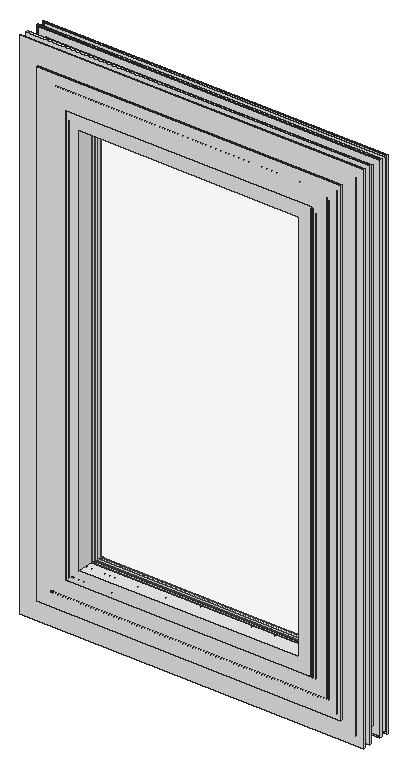
Revit family "Serene_T&T_Window_A_Standard", category Windows, host Wall, Revit 2014
Parameters (values of type "52TT-0609S-1000Pa")
  Windload Design = if(Custom Windload < 1001 mm, 1000 mm, if(Custom Windload < 1501 mm, 1500 mm, 2000 mm))  # 1000 mm
  Width Sash [instance] = 522 mm
  Width = if(Custom Window Width > Limit Window Width Max, Limit Window Width Max, if(Custom Window Width < Limit Window Width Min, Limit Window Width Min, Custom Window Width))  # 590 mm
  Wall Thickness [instance] = 200 mm
  URL = "http://www.crealco.co.za/crealco-products.php"
  Thermal Resistance (R) [instance] = if(IGDB or SAGDB Number = 1000015, 1.0000 (m²·K)/W / Clearvue U Value, if(IGDB or SAGDB Number = 9922, 1.0000 (m²·K)/W / Energy Advantage U Value, if(IGDB or SAGDB Number = 100100, 1.0000 (m²·K)/W / Intruderprufe U Value, if(IGDB or SAGDB Number = 103200, 1.0000 (m²·K)/W / Intruderprufe LowE U Value, if(IGDB or SAGDB Number = 105001, 1.0000 (m²·K)/W / Clearvue Insulated U Value, if(IGDB or SAGDB Number = 105002, 1.0000 (m²·K)/W / Clearvue Insulated LowE U Value, 1.0000 (m²·K)/W / 7.9)))))) * 1  # 0.126582 (m²·K)/W
  Solar Heat Gain Coefficient [instance] = if(IGDB or SAGDB Number = 1000015, Clearvue SHGC Value, if(IGDB or SAGDB Number = 9922, Energy Advantage SHGC Value, if(IGDB or SAGDB Number = 100100, Intruderprufe SHGC Value, if(IGDB or SAGDB Number = 103200, Intruderprufe LowE SHGC Value, if(IGDB or SAGDB Number = 105001, Clearvue Insulated SHGC Value, if(IGDB or SAGDB Number = 105002, Clearvue Insulated LowE SHGC Value, 0))))))  # 0
  Sash Frame Gasket = 3.4 mm  # constant formula
  Sash Edge Gap = 34 mm  # constant formula
  Overall Width [instance] = 590 mm
  Overall Height [instance] = 890 mm
  Max System DG Unit Thickness = 20 mm  # constant formula
  Max System DG One Piece Thickness = rounddown((Max System DG Unit Thickness - 12 mm) / 2 mm) * 1 mm  # 4 mm
  Max Pane Area = (Sash Width - (2 mm * 50.2)) * (Sash Height - (2 mm * 50.2))  # 0.304227 m²
  Intruderprufe U Value = 6.5
  Intruderprufe SHGC Value = 0.432
  Intruderprufe LowE U Value = 4.83
  Intruderprufe LowE SHGC Value = 0.383
  IGDB or SAGDB Number [instance] = 0
  Height Sash [instance] = 822 mm
  Height = if(Custom Window Height > Limit Window Height Max, Limit Window Height Max, if(Custom Window Height < Limit Window Height Min, Limit Window Height Min, Custom Window Height))  # 890 mm
  Heat Transfer Coefficient (U) [instance] = if(IGDB or SAGDB Number = 1000015, Clearvue U Value, if(IGDB or SAGDB Number = 9922, Energy Advantage U Value, if(IGDB or SAGDB Number = 100100, Intruderprufe U Value, if(IGDB or SAGDB Number = 103200, Intruderprufe LowE U Value, if(IGDB or SAGDB Number = 105001, Clearvue Insulated U Value, if(IGDB or SAGDB Number = 105002, Clearvue Insulated LowE U Value, 7.9)))))) * 1.0000 W/(m²·K)  # 7.9000 W/(m²·K)
  Glazing Material [instance] = if(IGDB or SAGDB Number = 1000015, "PFG CLEARVUE 4mm", if(IGDB or SAGDB Number = 9922, "PFG ENERGY ADVANTAGE 4mm LOW-E", if(IGDB or SAGDB Number = 100100, "PFG INTRUDERPRUFE 6.38mm", if(IGDB or SAGDB Number = 103200, "PFG INTRUDERPRUFE LOW-E 7.38mm", if(IGDB or SAGDB Number = 105001, "PFG 20mm CLEARVUE INSULATED GLASS", if(IGDB or SAGDB Number = 105002, "PFG 20mm CLEARVUE INSULATED GLASS LOW-E", "Unknown"))))))  # "Unknown"
  Glazing Code [instance] = if(IGDB or SAGDB Number = 1000015, "CF4", if(IGDB or SAGDB Number = 9922, "CF4E", if(IGDB or SAGDB Number = 100100, "LAM01", if(IGDB or SAGDB Number = 103200, "LAM01E", if(IGDB or SAGDB Number = 105001, "IGU20", if(IGDB or SAGDB Number = 105002, "IGU20E", "Unknown"))))))  # "Unknown"
  Frame Thickness = 52 mm  # constant formula
  Frame Offset From Exterior [instance] = if(Centered In Wall, (Wall Thickness - Frame Thickness) / 2, Custom Window Exterior Offset)  # 74 mm
  Energy Advantage U Value = 5.7
  Energy Advantage SHGC Value = 0.419
  DG Thickness Calc = if(not(Max Pane Area > 1.125 m²), 4 mm, if(not(Max Pane Area > 2.25 m²), 4 mm, if(not(Max Pane Area > 3.15 m²), 5 mm, if(not(Max Pane Area > 4.35 m²), 6 mm, if(not(Max Pane Area > 6.45 m²), 8 mm, 10 mm)))))  # 4 mm
  DG Thickness [instance] = if(IGDB or SAGDB Number = 105001, 4 mm, if(IGDB or SAGDB Number = 105002, 4 mm, if(DG Thickness Calc > Max System DG One Piece Thickness, Max System DG One Piece Thickness, DG Thickness Calc)))  # 4 mm
  DG Gasket Thickness = 12 mm  # constant formula
  Custom Window Width = 590 mm
  Custom Window Height = 890 mm
  Custom Window Exterior Offset = 0 mm
  Custom Windload = 1000 mm
  Sash Width = Width - (2 * Sash Edge Gap)  # 522 mm
  Sash Height = Height - (2 * Sash Edge Gap)  # 822 mm
  Single Glazing [instance] = not(Double Glazing)  # yes
  SG Thickness [instance] = if(IGDB or SAGDB Number = 1000015, 4 mm, if(IGDB or SAGDB Number = 9922, 4 mm, if(IGDB or SAGDB Number = 100100, 6 mm, if(IGDB or SAGDB Number = 103200, 7 mm, if(not(Max Pane Area > 0.75 m²), 4 mm, if(not(Max Pane Area > 1.50 m²), 4 mm, if(not(Max Pane Area > 2.10 m²), 5 mm, if(not(Max Pane Area > 2.90 m²), 6.4 mm, if(not(Max Pane Area > 4.30 m²), 8 mm, 10 mm)))))))))  # 4 mm
  Model = "Serene"  # constant formula
  Manufacturer = "Crealco"  # constant formula
  Limit Window Width Min = Limit Sash Width Min + (2 * Sash Edge Gap)  # 368 mm
  Limit Window Width Max = Limit Sash Width Max + (2 * Sash Edge Gap)  # 768 mm
  Limit Window Height Min = Limit Sash Height Min + (2 * Sash Edge Gap)  # 368 mm
  Limit Window Height Max = Limit Sash Height Max + (2 * Sash Edge Gap)  # 1568 mm
  Limit Sash Width Min = 300 mm  # constant formula
  Limit Sash Width Max = 700 mm  # constant formula
  Limit Sash Height Min = 300 mm  # constant formula
  Limit Sash Height Max = 1500 mm  # constant formula
  Glazing Finish [instance] = Glass
  Double Glazing [instance] = no
  Description = "Tilt and turn window, Type A"  # constant formula
  Default Sill Height = 800 mm
  Wall Closure = By host
  DG Gasket Finish = Double Glazing Gasket Material
  Clearvue U Value = 6.62
  Clearvue SHGC Value = 0.465
  Clearvue Insulated U Value = 4.85
  Clearvue Insulated SHGC Value = 0.418
  Clearvue Insulated LowE U Value = 4.47
  Clearvue Insulated LowE SHGC Value = 0.382
  Centered In Wall [instance] = yes
  Aluminium Finish [instance] = White Powder Coated Aluminium
  All Available Glazing Numbers [instance] = "The rows below list the available glazing materials for this window:"  # constant formula
  9922 [instance] = "CF4E"  # constant formula
  105002 [instance] = "IGU20E"  # constant formula
  105001 [instance] = "IGU20"  # constant formula
  103200 [instance] = "LAM01E"  # constant formula
  100100 [instance] = "LAM01"  # constant formula
  1000015 [instance] = "CF4"  # constant formula
Types (6, lengths in mm): name | Windload Design | Overall Height | Max Pane Area | Intruderprufe U Value | Intruderprufe SHGC Value | Intruderprufe LowE U Value | Intruderprufe LowE SHGC Value | Height Sash | Height | Energy Advantage U Value | Energy Advantage SHGC Value | Custom Window Height | Custom Windload | Sash Height | Clearvue U Value | Clearvue SHGC Value | Clearvue Insulated U Value | Clearvue Insulated SHGC Value | Clearvue Insulated LowE U Value | Clearvue Insulated LowE SHGC Value
  52TT-0609S-1000Pa | 1000 | 890 | 0.304227 m² | 6.5 | 0.432 | 4.83 | 0.383 | 822 | 890 | 5.7 | 0.419 | 890 | 1000 | 822 | 6.62 | 0.465 | 4.85 | 0.418 | 4.47 | 0.382
  52TT-0609S-1500Pa | 1500 | 890 | 0.304227 m² | 6.5 | 0.432 | 4.83 | 0.383 | 822 | 890 | 5.7 | 0.419 | 890 | 1500 | 822 | 6.62 | 0.465 | 4.85 | 0.418 | 4.47 | 0.382
  52TT-0609S-2000Pa | 2000 | 890 | 0.304227 m² | 6.5 | 0.432 | 4.83 | 0.383 | 822 | 890 | 5.7 | 0.419 | 890 | 2000 | 822 | 6.62 | 0.465 | 4.85 | 0.418 | 4.47 | 0.382
  52TT-0612S-1000Pa | 1000 | 890 | 0.430707 m² | 6.42 | 0.459 | 4.77 | 0.407 | 822 | 1190 | 5.54 | 0.445 | 1190 | 1000 | 1122 | 6.55 | 0.494 | 4.69 | 0.444 | 4.28 | 0.405
  52TT-0612S-1500Pa | 1500 | 890 | 0.430707 m² | 6.42 | 0.459 | 4.77 | 0.407 | 822 | 1190 | 5.54 | 0.445 | 1190 | 1500 | 1122 | 6.55 | 0.494 | 4.69 | 0.444 | 4.28 | 0.405
  52TT-0612S-2000Pa | 2000 | 1190 | 0.430707 m² | 6.42 | 0.459 | 4.77 | 0.407 | 1122 | 1190 | 5.54 | 0.445 | 1190 | 2000 | 1122 | 6.55 | 0.494 | 4.69 | 0.444 | 4.28 | 0.405
Reference planes
  plane 1 "Center (Front/Back)": y = 0
  plane 2 "Center (Left/Right)": x = 0
  plane 3 "Left": x = -295
  plane 4 "Right": x = 295
  plane 5 "Sill": z = 800
  plane 6 "Head": z = 1690
  plane 7 "Exterior": y = 100
  plane 8 "Interior": y = -100
  plane 9: y = 0
Lines and regions (mm)
  Opening 1
    outline origin (3500, -100, 0) x (1, 0, 0) y (0, 0, 1)
      loop
        line (-3205, 800) -> (-3205, 1690) -> (-3795, 1690) -> (-3795, 800) -> (-3205, 800)
Text (mm)
  text "EXTERIOR" at (-1963.203, 1332.353, 0), in view "Ref. Level"
  text "INTERIOR" at (-1981.466, -818.386, 0), in view "Ref. Level"
  text "Exterior" at (0, 923.751, 2943.296), in view "Right"
  text "Exterior" at (0, 1040.484, 2685.409), in view "Left"
Dimensions and locks
  equal spacing: plane 3 "Left", plane 2 "Center (Left/Right)", plane 4 "Right"
  "Width": plane 3 "Left" to plane 4 "Right"
  "Height": plane 5 "Sill" to plane 6 "Head"
  "Default Sill Height": plane 5 "Sill" to level
  locked: plane 7 "Exterior" to host wall at 0
  locked: plane 8 "Interior" to host wall
  "Overall Width": plane 3 "Left" to plane 4 "Right"
  "Overall Height": plane 5 "Sill" to plane 6 "Head"
  "Wall Thickness": host wall to host wall
  "Frame Offset From Exterior": host wall to nested 1
  "Sash Edge Gap": plane 3 "Left" to nested 2
  "Sash Edge Gap": plane 6 "Head" to nested 2
  "Sash Frame Gasket": nested 2 to nested 1
  "Width Sash": nested 2 to nested 2
  "Height Sash": nested 2 to nested 2
  aligned and locked: plane 9 to host wall
  aligned and locked: nested 1 to plane 6 "Head"
  aligned and locked: nested 1 to plane 4 "Right"
Automatic sketch dimensions
  Opening 1 sketch curve to plane 3 "Left" = 0 mm
  Opening 1 sketch curve to plane 4 "Right" = 0 mm
  Opening 1 sketch curve to plane 5 "Sill" = 0 mm
  Opening 1 sketch curve to plane 6 "Head" = 0 mm
Nested families
  nested 1: "Serene_Frame_Rounded_Ext_52mm_A_Std" at (-295, -26, 800), Profile Material <- "Aluminium Finish", Frame Width <- "Width", Frame Height <- "Height", type "Serene_Frame_Rounded_Ext_52mm_A_Std"
    with Profile Material White Powder Coated Aluminium, Frame Width 590 mm, Frame Height 890 mm
  nested 2: "Serene_Sash_Open_In_72mm_A_Std" at (261, -32.8, 834) x (-1, 0, 0) z (0, 0, 1), Profile Material <- "Aluminium Finish", Glazing Material <- "Glazing Finish", Double Glazing Gasket Material <- "DG Gasket Finish", Height Sash <- "Sash Height", Width Sash <- "Sash Width", Double Glazing <- "Double Glazing", Single Glazing <- "Single Glazing", SG Glazing Thickness <- "SG Thickness", DG Glazing Thickness <- "DG Thickness", DG Gasket Thickness <- "DG Gasket Thickness", type "Serene_Sash_Open_In_72mm_A_Std"
    with Width Sash 522 mm, Width Bead 422 mm, Tilt yes, Single Glazing yes, SG Offset 32.25 mm, SG Glazing Thickness 4 mm, Right Hinged yes, Profile Material White Powder Coated Aluminium, Left Hinged no, Height Sash 822 mm, Height Bead 722 mm, Glazing Width 421.6 mm, Glazing Material Glass, Glazing Height 721.6 mm, Double Glazing Gasket Material Double Glazing Gasket Material, Double Glazing no, DG Offset 18.75 mm, DG Glazing Thickness 4 mm, DG Gasket Thickness 12 mm
  nested 3: "Serene_Single_Glazing_Tilt_&_Turn_A_Std" at (210.8, 3.45, 884.2), type "Serene_Single_Glazing_Tilt_&_Turn_A_Std"
    with Tilt yes, Right Hinged yes, Left Hinged no, Half Width 210.8 mm, Half Height 360.8 mm, Glazing Width 421.6 mm, Glazing Thickness SG 4 mm, Glazing Material Glass, Glazing Height 721.6 mm
Definition of nested family "Serene_Frame_Rounded_Ext_52mm_A_Std"
  Parameters (values of type "Serene_Frame_Rounded_Ext_52mm")
    Profile Material [instance] = none
    Frame Width [instance] = 600 mm
    Frame Height [instance] = 900 mm
  Reference planes
    plane 1 "Center (Front/Back)": y = 0
    plane 2: z = 0
    plane 3 "Center (Left/Right)": x = 0
  Forms (mm)
    Sweep 1, solid, material <- "Profile Material"
      path origin (0, 0, 0) x (1, 0, 0) y (0, 0, 1)
        loop
          line (0, 0) -> (600, 0) -> (600, 900) -> (0, 900) -> (0, 0)
      profile origin (300, 0, 0) x (0, 0, 1) y (0, -1, 0)
        loop
          line (32.05, -9) -> (32.05, -8) -> (33.7, -8) -> (33.7, -1.3) -> (15.1, -1.3) -> (15.1, -8) -> (16.75, -8) -> (16.75, -9) -> (15.1, -9) -> (15.1, -42.5) -> (16.75, -42.5) -> (16.75, -43.5) -> (15.1, -43.5) -> (15.1, -50.7) -> (33.7, -50.7) -> (33.7, -43.5) -> (32.05, -43.5) -> (32.05, -42.5) -> (33.7, -42.5) -> (33.7, -9) -> (32.05, -9)
        loop
          arc (52.4, -49.7) -> (52.107, -48.993) -> (51.4, -48.7) r 1
          line (51.4, -48.7) -> (50.4, -48.7)
          arc (50.4, -48.7) -> (49.9, -49.2) -> (50.4, -49.7) r 0.5
          line (50.4, -49.7) -> (51.2, -49.7) -> (51.2, -50.7) -> (35, -50.7) -> (35, -49.7) -> (36, -49.7)
          arc (36, -49.7) -> (36.5, -49.2) -> (36, -48.7) r 0.5
          line (36, -48.7) -> (35, -48.7) -> (35, -35.9) -> (40, -35.9) -> (40, -32.956) -> (38.5, -31.79) -> (38.5, -34.6) -> (35, -34.6) -> (35, -21.1) -> (38.5, -21.1) -> (38.5, -26.41) -> (40, -25.244) -> (40, -18.807) -> (38, -17.818) -> (38, -19.5) -> (35, -19.5) -> (35, -1.5) -> (38, -1.5) -> (38, -4.182) -> (40, -3.193) -> (40, 0) -> (0, 0) -> (0, -2.7) -> (1.3, -2.7) -> (1.3, -1.5) -> (13.8, -1.5) -> (13.8, -13.05) -> (0, -13.05) -> (0, -16.05) -> (1.3, -16.05) -> (1.3, -14.35) -> (13.8, -14.35) -> (13.8, -37.65) -> (1.3, -37.65) -> (1.3, -35.95) -> (0, -35.95) -> (0, -38.95) -> (13.8, -38.95) -> (13.8, -50.5) -> (1.3, -50.5) -> (1.3, -49.3) -> (0, -49.3) -> (0, -52) -> (58, -52)
          arc (58, -52) -> (60.828, -50.828) -> (62, -48) r 4
          line (62, -48) -> (62, -40.5) -> (59.5, -40.5) -> (59.5, -41.7) -> (60.7, -41.7) -> (60.7, -43.7) -> (55.5, -43.7) -> (55.5, -41.7) -> (56.7, -41.7) -> (56.7, -40.5) -> (54.2, -40.5) -> (54.2, -44)
          arc (54.2, -44) -> (54.493, -44.707) -> (55.2, -45) r 1
          line (55.2, -45) -> (60.7, -45) -> (60.7, -48)
          arc (60.7, -48) -> (59.909, -49.909) -> (58, -50.7) r 2.7
          line (58, -50.7) -> (52.4, -50.7) -> (52.4, -49.7)
  Lines and regions (mm)
    model lines, style "GenericModel"
      curve 1: line (600, 52, 900) -> (541.992, 52, 841.992)
      curve 2: line (0, 52, 900) -> (58.006, 52, 841.994)
      curve 3: line (0, 52, 0) -> (58.008, 52, 58.008)
      curve 4: line (600, 52, 0) -> (541.992, 52, 58.008)
      curve 5: line (0, 0, 900) -> (40, 0, 860)
      curve 6: line (600, 0, 900) -> (560, 0, 860)
      curve 7: line (600, 0, 0) -> (560, 0, 40)
      curve 8: line (0, 0, 0) -> (40, 0, 40)
  Dimensions and locks
    "Frame Width": Sweep 1 sketch curve to Sweep 1 sketch curve
    "Frame Height": Sweep 1 sketch curve to Sweep 1 sketch curve
    aligned and locked: level to plane 2
  Automatic sketch dimensions
    Sweep 1 sketch curve to Sweep 1 sketch curve = 0 mm  (x9)
    Sweep 1 sketch curve to profile plane = 0 mm  (x4)
    Sweep 1 sketch curve to Sweep 1 sketch curve = 1.3 mm  (x13)
    Sweep 1 sketch curve to Sweep 1 sketch curve = 12.5 mm  (x2)
    Sweep 1 sketch curve to Sweep 1 sketch curve = 1.65 mm  (x4)
    Sweep 1 sketch curve to Sweep 1 sketch curve = 15.3 mm  (x2)
    Sweep 1 sketch curve to Sweep 1 sketch curve = 1 mm  (x10)
    Sweep 1 sketch curve to Sweep 1 sketch curve = 3 mm  (x3)
    Sweep 1 sketch curve to Sweep 1 sketch curve = 0.5 mm  (x2)
    Sweep 1 sketch curve to Sweep 1 sketch curve = 3.5 mm
    Sweep 1 sketch curve to Sweep 1 sketch curve = 2 mm  (x3)
    Sweep 1 sketch curve to Sweep 1 sketch curve = 1.5 mm  (x3)
    Sweep 1 sketch curve to Sweep 1 sketch curve = 14.4 mm
    Sweep 1 sketch curve to Sweep 1 sketch curve = 0.8 mm
    Sweep 1 sketch curve to Sweep 1 sketch curve = 0.2 mm  (x3)
    Sweep 1 sketch curve to Sweep 1 sketch curve = 2.8 mm  (x3)
    Sweep 1 sketch curve to Sweep 1 sketch curve = 0.3 mm
    Sweep 1 sketch curve to Sweep 1 sketch curve = 1.2 mm  (x6)
    Sweep 1 sketch curve to plane 1 "Center (Front/Back)" = 52 mm
    Sweep 1 sketch curve to Sweep 1 sketch curve = 5.2 mm
    Sweep 1 sketch curve to Sweep 1 sketch curve = 7 mm
    Sweep 1 sketch curve to Sweep 1 sketch curve = 10.35 mm  (x2)
    Sweep 1 sketch curve to Sweep 1 sketch curve = 1.7 mm  (x2)
    Sweep 1 sketch curve to Sweep 1 sketch curve = 6.6 mm
    Sweep 1 sketch curve to Sweep 1 sketch curve = 1.644 mm
    Sweep 1 sketch curve to Sweep 1 sketch curve = 1.167 mm  (x2)
    Sweep 1 sketch curve to Sweep 1 sketch curve = 5.379 mm
    Sweep 1 sketch curve to Sweep 1 sketch curve = 4.144 mm
    Sweep 1 sketch curve to Sweep 1 sketch curve = 1.6 mm
    Sweep 1 sketch curve to Sweep 1 sketch curve = 0.693 mm
    Sweep 1 sketch curve to Sweep 1 sketch curve = 1.682 mm
    Sweep 1 sketch curve to Sweep 1 sketch curve = 19.9 mm
    Sweep 1 sketch curve to Sweep 1 sketch curve = 8.818 mm
    Sweep 1 sketch curve to Sweep 1 sketch curve = 4.05 mm
    Sweep 1 sketch curve to Sweep 1 sketch curve = 3.818 mm
    Sweep 1 sketch curve to Sweep 1 sketch curve = 0.99 mm
    Sweep 1 sketch curve to Sweep 1 sketch curve = 6.5 mm
    Sweep 1 sketch curve to Sweep 1 sketch curve = 1.693 mm
    curve 1 to Sweep 1 = 0 mm
    Sweep 1 to curve 1 = 0 mm
    curve 2 to Sweep 1 = 0 mm  (x2)
    curve 3 to Sweep 1 = 0 mm  (x2)
    curve 4 to Sweep 1 = 0 mm  (x2)
    curve 2 to Sweep 1 = 0.006 mm  (x2)
    curve 3 to Sweep 1 = 0.008 mm  (x2)
    curve 1 to Sweep 1 = 0.008 mm  (x2)
    curve 4 to Sweep 1 = 0.008 mm  (x2)
    curve 5 to Sweep 1 = 0 mm  (x4)
    curve 6 to Sweep 1 = 0 mm  (x4)
    curve 7 to Sweep 1 = 0 mm  (x3)
    Sweep 1 to curve 7 = 0 mm
    curve 8 to Sweep 1 = 0 mm  (x3)
    Sweep 1 to curve 8 = 0 mm
    Sweep 1 sketch curve to plane 3 "Center (Left/Right)" = 0 mm
    Sweep 1 sketch curve to level = 0 mm
Definition of nested family "Serene_Sash_Open_In_72mm_A_Std"
  Parameters (values of type "Serene_Sash_Open_In_72mm")
    Width Sash [instance] = 600 mm
    Width Bead [instance] = Width Sash - (Bead Edge Offset * 2)  # 500 mm
    Tilt [instance] = yes
    Single Glazing [instance] = yes
    SG Offset [instance] = Rear Glazing Channel Offset - SG Available Space + ((SG Available Space - SG Glazing Thickness) / 2)  # 32.25 mm
    SG Glazing Thickness [instance] = 4 mm
    SG Available Space = 13.5 mm  # constant formula
    Right Hinged [instance] = yes
    Rear Glazing Channel Offset = 41 mm  # constant formula
    Profile Material [instance] = none
    Left Hinged [instance] = yes
    Height Sash [instance] = 900 mm
    Height Bead [instance] = Height Sash - (Bead Edge Offset * 2)  # 800 mm
    Glazing Width [instance] = Width Sash - (Glazing Edge Offset * 2)  # 499.6 mm
    Glazing Material [instance] = Glass
    Glazing Height [instance] = Height Sash - (Glazing Edge Offset * 2)  # 799.6 mm
    Glazing Edge Offset = 50.2 mm  # constant formula
    Double Glazing Gasket Material [instance] = none
    Double Glazing [instance] = yes
    DG Offset [instance] = Rear Glazing Channel Offset - DG Available Space + ((DG Available Space - DG Gasket Thickness - (2 * DG Glazing Thickness)) / 2)  # 18.75 mm
    DG Glazing Thickness [instance] = 4 mm
    DG Gasket Thickness [instance] = 12 mm
    DG Available Space = 24.5 mm  # constant formula
    Bead Edge Offset = 50 mm  # constant formula
  Reference planes
    plane 1 "Center (Front/Back)": y = 0
    plane 2: z = 0
    plane 3 "Center (Left/Right)": x = 0
  Forms (mm)
    Sweep 1, solid, material <- "Profile Material"
      path origin (0, 0, 0) x (1, 0, 0) y (0, 0, 1)
        loop
          line (0, 0) -> (600, 0) -> (600, 900) -> (0, 900) -> (0, 0)
      profile origin (300, 0, 0) x (0, 0, 1) y (0, -1, 0)
        loop
          line (21.76, 25.1) -> (23.96, 25.1) -> (23.96, 10.1) -> (21.76, 10.1) -> (21.76, 7.4) -> (18.76, 7.4) -> (18.76, 10.524) -> (17.46, 9.224) -> (17.46, 7.1)
          arc (17.46, 7.1) -> (17.753, 6.393) -> (18.46, 6.1) r 1
          line (18.46, 6.1) -> (23.96, 6.1) -> (23.96, 3.4) -> (22.8, 3.4)
          arc (22.8, 3.4) -> (22.3, 2.9) -> (22.8, 2.4) r 0.5
          line (22.8, 2.4) -> (23.96, 2.4) -> (23.96, 1.3) -> (7.7, 1.3) -> (7.7, 2.4) -> (8.5, 2.4) -> (8.5, 3.4) -> (5.3, 3.4) -> (5.3, 2.4) -> (6.6, 2.4) -> (6.6, 1.1) -> (1.2, 1.1) -> (1.2, 2.4) -> (2.5, 2.4) -> (2.5, 3.4) -> (0, 3.4) -> (0, 0) -> (49.96, 0) -> (49.96, 3.18) -> (48.16, 4.22) -> (48.16, 1.5) -> (45.16, 1.5) -> (45.16, 20.1) -> (48.16, 20.1) -> (48.16, 17.88) -> (49.96, 18.92) -> (49.96, 21.6) -> (45.16, 21.6) -> (45.16, 40) -> (37.96, 47) -> (37.96, 50.7) -> (43.96, 50.7) -> (43.96, 49.3)
          arc (43.96, 49.3) -> (44.253, 48.593) -> (44.96, 48.3) r 1
          line (44.96, 48.3) -> (46.21, 48.3)
          arc (46.21, 48.3) -> (46.71, 48.8) -> (46.21, 49.3) r 0.5
          line (46.21, 49.3) -> (44.96, 49.3) -> (44.96, 50.7) -> (61.46, 50.7) -> (61.46, 49.3) -> (60.21, 49.3)
          arc (60.21, 49.3) -> (59.71, 48.8) -> (60.21, 48.3) r 0.5
          line (60.21, 48.3) -> (61.46, 48.3)
          arc (61.46, 48.3) -> (62.167, 48.593) -> (62.46, 49.3) r 1
          line (62.46, 49.3) -> (62.46, 50.7) -> (66.96, 50.7)
          arc (66.96, 50.7) -> (69.576, 49.616) -> (70.66, 47) r 3.7
          line (70.66, 47) -> (70.66, 45.5) -> (64.16, 45.5) -> (64.16, 41) -> (66.66, 41) -> (66.66, 42.2) -> (65.46, 42.2) -> (65.46, 44.2) -> (70.66, 44.2) -> (70.66, 42.2) -> (69.46, 42.2) -> (69.46, 41) -> (71.96, 41) -> (71.96, 47)
          arc (71.96, 47) -> (70.496, 50.536) -> (66.96, 52) r 5
          line (66.96, 52) -> (33.006, 52) -> (33.006, 50.7) -> (34.46, 50.7) -> (36.66, 50.7) -> (36.66, 47.3) -> (26.46, 47.3) -> (23.536, 47.3) -> (24.836, 46) -> (26.96, 46) -> (26.96, 35.2) -> (23.935, 35.2) -> (18.293, 34.246)
          arc (18.293, 34.246) -> (17.696, 33.906) -> (17.46, 33.26) r 1
          line (17.46, 33.26) -> (17.46, 25.976) -> (18.76, 24.676) -> (18.76, 27.3) -> (21.76, 27.3) -> (21.76, 25.1)
        loop
          line (43.86, 33.9) -> (42.16, 33.9) -> (42.16, 35.2) -> (43.86, 35.2) -> (43.86, 39.451) -> (37.124, 46) -> (28.26, 46) -> (28.26, 34.9)
          arc (28.26, 34.9) -> (27.967, 34.193) -> (27.26, 33.9) r 1
          line (27.26, 33.9) -> (24.094, 33.9) -> (18.76, 33.007) -> (18.76, 28.6) -> (22.06, 28.6)
          arc (22.06, 28.6) -> (22.767, 28.307) -> (23.06, 27.6) r 1
          line (23.06, 27.6) -> (23.06, 26.4) -> (24.26, 26.4)
          arc (24.26, 26.4) -> (24.967, 26.107) -> (25.26, 25.4) r 1
          line (25.26, 25.4) -> (25.26, 24.337) -> (25.26, 9.8)
          arc (25.26, 9.8) -> (24.967, 9.093) -> (24.26, 8.8) r 1
          line (24.26, 8.8) -> (23.06, 8.8) -> (23.06, 7.4) -> (24.26, 7.4)
          arc (24.26, 7.4) -> (24.967, 7.107) -> (25.26, 6.4) r 1
          line (25.26, 6.4) -> (25.26, 1.3) -> (43.86, 1.3) -> (43.86, 33.9)
  Lines and regions (mm)
    model lines, style "GenericModel"
      curve 1: line (600, 0, 900) -> (550.04, 0, 850.04)
      curve 2: line (0, 0, 900) -> (49.96, 0, 850.04)
      curve 3: line (0, 0, 0) -> (49.96, 0, 49.96)
      curve 4: line (600, 0, 0) -> (550.04, 0, 49.96)
      curve 5: line (33.953, -50.7, 866.047) -> (66.968, -50.7, 833.032)
      curve 6: line (566.047, -50.7, 866.047) -> (533, -50.7, 833)
      curve 7: line (566.047, -50.7, 33.953) -> (533.032, -50.7, 66.968)
      curve 8: line (33.953, -50.7, 33.953) -> (66.968, -50.7, 66.968)
      curve 9: line (33.006, -52, 866.994) -> (66.968, -52, 833.032)
      curve 10: line (566.994, -52, 866.994) -> (533, -52, 833)
      curve 11: line (33.006, -52, 33.006) -> (66.968, -52, 66.968)
      curve 12: line (566.994, -52, 33.006) -> (533.032, -52, 66.968)
      curve 13: line (23.536, -47.3, 876.464) -> (33.006, -47.3, 866.994)
      curve 14: line (576.464, -47.3, 876.464) -> (566.994, -47.3, 866.994)
      curve 15: line (576.464, -47.3, 23.536) -> (566.994, -47.3, 33.006)
      curve 16: line (23.536, -47.3, 23.536) -> (33.006, -47.3, 33.006)
  Dimensions and locks
    "Width Sash": Sweep 1 sketch curve to Sweep 1 sketch curve
    "Height Sash": Sweep 1 sketch curve to Sweep 1 sketch curve
    "Bead Edge Offset": nested 1 to plane 2
    "Bead Edge Offset": nested 2 to plane 2
    "Bead Edge Offset": plane 3 "Center (Left/Right)" to nested 1
    "Bead Edge Offset": plane 3 "Center (Left/Right)" to nested 2
    "Glazing Edge Offset": plane 3 "Center (Left/Right)" to nested 3
    "Glazing Edge Offset": nested 3 to plane 2
    "SG Offset": nested 3 to plane 1 "Center (Front/Back)"
    "DG Offset": nested 4 to plane 1 "Center (Front/Back)"
    "Glazing Edge Offset": plane 3 "Center (Left/Right)" to nested 4
    "Glazing Edge Offset": nested 4 to level
    aligned and locked: level to plane 2
    aligned and locked: nested 1 to plane 1 "Center (Front/Back)"
    aligned and locked: nested 2 to plane 1 "Center (Front/Back)"
  Automatic sketch dimensions
    curve 1 to Sweep 1 = 0 mm  (x3)
    Sweep 1 to curve 1 = 0 mm
    curve 2 to Sweep 1 = 0 mm  (x3)
    Sweep 1 to curve 2 = 0 mm
    curve 3 to Sweep 1 = 0 mm  (x4)
    curve 4 to Sweep 1 = 0 mm  (x4)
    curve 8 to Sweep 1 = 30.308 mm  (x2)
    curve 5 to Sweep 1 = 30.308 mm  (x2)
    curve 6 to Sweep 1 = 30.34 mm  (x2)
    curve 7 to Sweep 1 = 30.308 mm  (x2)
    Sweep 1 sketch curve to Sweep 1 sketch curve = 0 mm  (x12)
    Sweep 1 sketch curve to plane 1 "Center (Front/Back)" = 0 mm
    profile plane to Sweep 1 sketch curve = 0 mm
    Sweep 1 sketch curve to profile plane = 1.2 mm
    Sweep 1 sketch curve to Sweep 1 sketch curve = 1.3 mm  (x21)
    Sweep 1 sketch curve to Sweep 1 sketch curve = 2.8 mm  (x2)
    Sweep 1 sketch curve to Sweep 1 sketch curve = 1.1 mm  (x2)
    Sweep 1 sketch curve to Sweep 1 sketch curve = 0.8 mm
    Sweep 1 sketch curve to profile plane = 17.46 mm
    Sweep 1 sketch curve to Sweep 1 sketch curve = 8.96 mm
    Sweep 1 sketch curve to Sweep 1 sketch curve = 0.833 mm
    Sweep 1 sketch curve to Sweep 1 sketch curve = 0.167 mm
    Sweep 1 sketch curve to Sweep 1 sketch curve = 1 mm  (x10)
    Sweep 1 sketch curve to Sweep 1 sketch curve = 3 mm  (x4)
    Sweep 1 sketch curve to Sweep 1 sketch curve = 0.3 mm  (x6)
    plane 1 "Center (Front/Back)" to Sweep 1 sketch curve = 3.4 mm
    Sweep 1 sketch curve to Sweep 1 sketch curve = 1.04 mm
    Sweep 1 sketch curve to Sweep 1 sketch curve = 5.242 mm
    Sweep 1 sketch curve to Sweep 1 sketch curve = 5.175 mm
    Sweep 1 sketch curve to Sweep 1 sketch curve = 0.9 mm
    Sweep 1 sketch curve to Sweep 1 sketch curve = 1.16 mm
    Sweep 1 sketch curve to Sweep 1 sketch curve = 0.158 mm
    Sweep 1 sketch curve to Sweep 1 sketch curve = 1.2 mm  (x6)
    Sweep 1 sketch curve to Sweep 1 sketch curve = 1.624 mm
    Sweep 1 sketch curve to Sweep 1 sketch curve = 0.5 mm  (x3)
    Sweep 1 sketch curve to Sweep 1 sketch curve = 4.746 mm
    Sweep 1 sketch curve to Sweep 1 sketch curve = 1.454 mm
    Sweep 1 sketch curve to Sweep 1 sketch curve = 2.2 mm
    Sweep 1 sketch curve to Sweep 1 sketch curve = 0.464 mm
    Sweep 1 sketch curve to Sweep 1 sketch curve = 0.836 mm
    Sweep 1 sketch curve to Sweep 1 sketch curve = 5.036 mm
    plane 1 "Center (Front/Back)" to Sweep 1 sketch curve = 1.3 mm
    Sweep 1 sketch curve to Sweep 1 sketch curve = 18.6 mm
    Sweep 1 sketch curve to Sweep 1 sketch curve = 1.7 mm
    Sweep 1 sketch curve to Sweep 1 sketch curve = 6 mm
    Sweep 1 sketch curve to Sweep 1 sketch curve = 1.25 mm  (x2)
    plane 1 "Center (Front/Back)" to Sweep 1 sketch curve = 17.88 mm
    plane 1 "Center (Front/Back)" to Sweep 1 sketch curve = 18.92 mm
    Sweep 1 sketch curve to Sweep 1 sketch curve = 1.8 mm  (x2)
    Sweep 1 sketch curve to Sweep 1 sketch curve = 14 mm
    Sweep 1 sketch curve to Sweep 1 sketch curve = 2.7 mm  (x2)
    Sweep 1 sketch curve to Sweep 1 sketch curve = 1.5 mm  (x3)
    plane 1 "Center (Front/Back)" to Sweep 1 sketch curve = 1.1 mm
    plane 1 "Center (Front/Back)" to Sweep 1 sketch curve = 1.5 mm
    Sweep 1 sketch curve to Sweep 1 sketch curve = 1.68 mm
    Sweep 1 sketch curve to Sweep 1 sketch curve = 1.039 mm
    Sweep 1 sketch curve to Sweep 1 sketch curve = 1.4 mm  (x2)
    Sweep 1 sketch curve to Sweep 1 sketch curve = 2.124 mm
    Sweep 1 sketch curve to Sweep 1 sketch curve = 2.22 mm
    Sweep 1 sketch curve to Sweep 1 sketch curve = 14.237 mm
    Sweep 1 sketch curve to Sweep 1 sketch curve = 0.339 mm
    Sweep 1 sketch curve to Sweep 1 sketch curve = 0.763 mm
    Sweep 1 sketch curve to Sweep 1 sketch curve = 1.063 mm
    Sweep 1 sketch curve to Sweep 1 sketch curve = 1.324 mm
    Sweep 1 sketch curve to Sweep 1 sketch curve = 4.407 mm
    Sweep 1 sketch curve to Sweep 1 sketch curve = 0.254 mm
    Sweep 1 sketch curve to Sweep 1 sketch curve = 5.3 mm
    Sweep 1 sketch curve to Sweep 1 sketch curve = 12.3 mm
    Sweep 1 sketch curve to Sweep 1 sketch curve = 4.251 mm
    Sweep 1 sketch curve to Sweep 1 sketch curve = 0.549 mm
    Sweep 1 sketch curve to Sweep 1 sketch curve = 2 mm
    Sweep 1 sketch curve to Sweep 1 sketch curve = 10.8 mm
    Sweep 1 sketch curve to Sweep 1 sketch curve = 2.4 mm
    Sweep 1 sketch curve to Sweep 1 sketch curve = 3.4 mm
    curve 5 to Sweep 1 = 0.947 mm  (x2)
    curve 8 to Sweep 1 = 0.947 mm  (x2)
    curve 7 to Sweep 1 = 0.947 mm  (x2)
    curve 6 to Sweep 1 = 0.947 mm  (x2)
    curve 9 to Sweep 1 = 0 mm  (x2)
    curve 10 to Sweep 1 = 0 mm  (x2)
    Sweep 1 to curve 11 = 0 mm
    curve 11 to Sweep 1 = 0 mm
    curve 12 to Sweep 1 = 0 mm  (x2)
    curve 11 to Sweep 1 = 0.008 mm
    curve 9 to Sweep 1 = 0.008 mm  (x2)
    curve 10 to Sweep 1 = 0.04 mm  (x2)
    curve 12 to Sweep 1 = 0.008 mm
    Sweep 1 to curve 12 = 0.008 mm
    Sweep 1 to curve 11 = 0.008 mm
    curve 13 to Sweep 1 = 0 mm  (x2)
    curve 14 to Sweep 1 = 0 mm  (x2)
    curve 15 to Sweep 1 = 0 mm
    Sweep 1 to curve 15 = 0 mm
    curve 16 to Sweep 1 = 0 mm  (x2)
    Sweep 1 to curve 16 = 3.654 mm
    Sweep 1 to curve 13 = 3.654 mm  (x2)
    Sweep 1 to curve 15 = 3.654 mm
    Sweep 1 to curve 14 = 3.654 mm  (x2)
    curve 15 to Sweep 1 = 3.654 mm
    curve 16 to Sweep 1 = 3.654 mm
    Sweep 1 sketch curve to plane 3 "Center (Left/Right)" = 0 mm
    Sweep 1 sketch curve to level = 0 mm
  Nested families
    nested 1: "Serene_Bead_Square_12mm" at (550, 0, 50) x (-1, 0, 0) z (0, 0, 1), visible <- "Single Glazing", Profile Material <- "Profile Material", Width Bead <- "Width Bead", Height Bead <- "Height Bead", type "Serene_Bead_Square_12mm"
      with Width Bead 500 mm, Profile Material none, Height Bead 800 mm
    nested 2: "Serene_Bead_D_Glazing_Square" at (550, 0, 50) x (-1, 0, 0) z (0, 0, 1), Profile Material <- "Profile Material", visible <- "Double Glazing", Width Bead <- "Width Bead", Height Bead <- "Height Bead", type "Serene_Bead_D_Glazing_Square"
      with Width Bead 500 mm, Profile Material none, Height Bead 800 mm
    nested 3: "Serene_Single_Glazing_Tilt_&_Turn_A_Std" at (50.2, -36.25, 50.2) x (-1, 0, 0) z (0, 0, 1), Glazing Width <- "Glazing Width", Glazing Height <- "Glazing Height", visible <- "Single Glazing", Glazing Material <- "Glazing Material", Glazing Thickness SG <- "SG Glazing Thickness", Tilt <- "Tilt", Right Hinged <- "Right Hinged", Left Hinged <- "Left Hinged", type "Serene_Single_Glazing_Tilt_&_Turn_A_Std"
      with Tilt yes, Right Hinged yes, Left Hinged yes, Half Width 249.8 mm, Half Height 399.8 mm, Glazing Width 499.6 mm, Glazing Thickness SG 4 mm, Glazing Material Glass, Glazing Height 799.6 mm
    nested 4: "Serene_Double_Glazing_Tilt_&_Turn_A_Std" at (50.2, -38.75, 50.2) x (-1, 0, 0) z (0, 0, 1), Glazing Width <- "Glazing Width", Glazing Height <- "Glazing Height", Glazing Thickness DG <- "DG Glazing Thickness", Double Glazing Gasket Thickness <- "DG Gasket Thickness", Double Glazing Gasket Material <- "Double Glazing Gasket Material", Glazing Material <- "Glazing Material", visible <- "Double Glazing", Tilt <- "Tilt", Left Hinged <- "Left Hinged", Right Hinged <- "Right Hinged", type "Serene_Double_Glazing_Tilt_&_Turn_A_Std"
      with Tilt yes, Right Hinged yes, Left Hinged yes, Half Width 249.8 mm, Half Height 399.8 mm, Glazing Width 499.6 mm, Glazing Thickness DG 4 mm, Glazing Material Glass, Glazing Height 799.6 mm, Double Glazing Gasket Thickness 12 mm, Double Glazing Gasket Material none
  Definition of nested family "Serene_Bead_Square_12mm"
    Parameters (values of type "Serene_Bead_Square_12mm")
      Profile Material [instance] = none
      Width Bead [instance] = 600 mm
      Height Bead [instance] = 900 mm
    Reference planes
      plane 1 "Center (Front/Back)": y = 0
      plane 2: z = 0
      plane 3 "Center (Left/Right)": x = 0
    Forms (mm)
      Sweep 1, solid, material <- "Profile Material"
        path origin (0, 0, 0) x (1, 0, 0) y (0, 0, 1)
          loop
            line (0, 0) -> (600, 0) -> (600, 900) -> (0, 900) -> (0, 0)
        profile origin (300, 0, 0) x (0, 0, 1) y (0, -1, 0)
          loop
            line (20.8, -26.3) -> (19.6, -26.3) -> (19.6, -27.5) -> (22, -27.5) -> (22, 0) -> (0, 0) -> (0, -1.2) -> (1.2, -1.2) -> (1.2, -4.2) -> (-1.876, -4.2) -> (-1.876, -3.293) -> (-3.909, -4.467)
            arc (-3.909, -4.467) -> (-4.142, -5.029) -> (-3.659, -5.4) r 0.5
            line (-3.659, -5.4) -> (1.4, -5.4)
            arc (1.4, -5.4) -> (2.107, -5.107) -> (2.4, -4.4) r 1
            line (2.4, -4.4) -> (2.4, -1.2) -> (20.8, -1.2) -> (20.8, -16.2) -> (-3.659, -16.2)
            arc (-3.659, -16.2) -> (-4.142, -16.571) -> (-3.909, -17.133) r 0.5
            line (-3.909, -17.133) -> (-1.876, -18.307) -> (-1.876, -17.4) -> (20.8, -17.4) -> (20.8, -23.4) -> (14.6, -23.4) -> (14.6, -27.5) -> (17, -27.5) -> (17, -26.3) -> (15.8, -26.3) -> (15.8, -24.6) -> (20.8, -24.6) -> (20.8, -26.3)
    Lines and regions (mm)
      model lines, style "GenericModel"
        curve 1: line (22, 0, 878) -> (0, 0, 900)
        curve 2: line (578, 0, 878) -> (600, 0, 900)
        curve 3: line (578, 0, 22) -> (600, 0, 0)
        curve 4: line (22, 0, 22) -> (0, 0, 0)
    Dimensions and locks
      "Width Bead": Sweep 1 sketch curve to Sweep 1 sketch curve
      "Height Bead": Sweep 1 sketch curve to Sweep 1 sketch curve
      aligned and locked: level to plane 2
    Automatic sketch dimensions
      profile plane to Sweep 1 sketch curve = 3.909 mm
      Sweep 1 sketch curve to Sweep 1 sketch curve = 0 mm  (x4)
      Sweep 1 sketch curve to Sweep 1 sketch curve = 0.25 mm  (x2)
      Sweep 1 sketch curve to Sweep 1 sketch curve = 1.783 mm  (x2)
      Sweep 1 sketch curve to Sweep 1 sketch curve = 1.876 mm
      Sweep 1 sketch curve to Sweep 1 sketch curve = 3.076 mm
      Sweep 1 sketch curve to Sweep 1 sketch curve = 0.2 mm  (x2)
      Sweep 1 sketch curve to Sweep 1 sketch curve = 1.2 mm  (x9)
      Sweep 1 sketch curve to Sweep 1 sketch curve = 16.476 mm
      Sweep 1 sketch curve to Sweep 1 sketch curve = 2.6 mm
      Sweep 1 sketch curve to plane 1 "Center (Front/Back)" = 27.5 mm
      Sweep 1 sketch curve to Sweep 1 sketch curve = 1.7 mm
      Sweep 1 sketch curve to Sweep 1 sketch curve = 5.093 mm
      Sweep 1 sketch curve to Sweep 1 sketch curve = 6 mm
      Sweep 1 sketch curve to Sweep 1 sketch curve = 0.267 mm
      Sweep 1 sketch curve to Sweep 1 sketch curve = 0.433 mm
      Sweep 1 sketch curve to Sweep 1 sketch curve = 10.8 mm
      Sweep 1 sketch curve to Sweep 1 sketch curve = 0.5 mm
      Sweep 1 sketch curve to Sweep 1 sketch curve = 0.907 mm
      Sweep 1 sketch curve to Sweep 1 sketch curve = 2.093 mm
      Sweep 1 sketch curve to Sweep 1 sketch curve = 15 mm
      curve 1 to Sweep 1 = 0 mm  (x4)
      curve 4 to Sweep 1 = 0 mm  (x3)
      Sweep 1 to curve 4 = 0 mm
      curve 3 to Sweep 1 = 0 mm  (x3)
      curve 2 to Sweep 1 = 0 mm  (x4)
      Sweep 1 to curve 3 = 0 mm
      Sweep 1 sketch curve to plane 3 "Center (Left/Right)" = 0 mm
      Sweep 1 sketch curve to level = 0 mm
  Definition of nested family "Serene_Bead_D_Glazing_Square"
    Parameters (values of type "Serene_Bead_D_Glazing_Square")
      Width Bead [instance] = 900 mm
      Profile Material [instance] = none
      Height Bead [instance] = 1320 mm
    Reference planes
      plane 1 "Center (Front/Back)": y = 0
      plane 2: z = 0
      plane 3 "Center (Left/Right)": x = 0
    Forms (mm)
      Sweep 1, solid, material <- "Profile Material"
        path origin (0, 0, 0) x (1, 0, 0) y (0, 0, 1)
          loop
            line (0, 0) -> (900, 0) -> (900, 1320) -> (0, 1320) -> (0, 0)
        profile origin (450, 0, 0) x (0, 0, 1) y (0, -1, 0)
          loop
            line (22, -16.5) -> (22, 0) -> (0, 0) -> (0, -1.2) -> (1.2, -1.2) -> (1.2, -4.2) -> (-1.876, -4.2) -> (-1.876, -3.293) -> (-3.909, -4.467)
            arc (-3.909, -4.467) -> (-4.142, -5.029) -> (-3.659, -5.4) r 0.5
            line (-3.659, -5.4) -> (1.4, -5.4)
            arc (1.4, -5.4) -> (2.107, -5.107) -> (2.4, -4.4) r 1
            line (2.4, -4.4) -> (2.4, -1.2) -> (20.8, -1.2) -> (20.8, -12.4) -> (14.6, -12.4) -> (0, -16.7) -> (-3.659, -16.7)
            arc (-3.659, -16.7) -> (-4.142, -17.071) -> (-3.909, -17.633) r 0.5
            line (-3.909, -17.633) -> (-1.876, -18.807) -> (-1.876, -17.9) -> (0.173, -17.9) -> (14.6, -13.651) -> (14.6, -16.5) -> (17, -16.5) -> (17, -15.3) -> (15.8, -15.3) -> (15.8, -13.6) -> (20.8, -13.6) -> (20.8, -15.3) -> (19.6, -15.3) -> (19.6, -16.5) -> (22, -16.5)
    Lines and regions (mm)
      model lines, style "GenericModel"
        curve 1: line (22, 0, 1298) -> (0, 0, 1298)
        curve 2: line (878, 0, 1298) -> (900, 0, 1298)
        curve 3: line (878, 0, 22) -> (900, 0, 22)
        curve 4: line (22, 0, 22) -> (0, 0, 22)
    Dimensions and locks
      "Width Bead": Sweep 1 sketch curve to Sweep 1 sketch curve
      "Height Bead": Sweep 1 sketch curve to Sweep 1 sketch curve
      aligned and locked: level to plane 2
    Automatic sketch dimensions
      profile plane to Sweep 1 sketch curve = 3.909 mm  (x2)
      Sweep 1 sketch curve to Sweep 1 sketch curve = 0.25 mm  (x2)
      Sweep 1 sketch curve to Sweep 1 sketch curve = 2.033 mm
      Sweep 1 sketch curve to Sweep 1 sketch curve = 1.783 mm
      Sweep 1 sketch curve to Sweep 1 sketch curve = 1.876 mm  (x2)
      Sweep 1 sketch curve to Sweep 1 sketch curve = 0.173 mm
      Sweep 1 sketch curve to Sweep 1 sketch curve = 1.2 mm  (x9)
      Sweep 1 sketch curve to Sweep 1 sketch curve = 0.2 mm
      Sweep 1 sketch curve to Sweep 1 sketch curve = 12.2 mm
      Sweep 1 sketch curve to Sweep 1 sketch curve = 0 mm  (x4)
      Sweep 1 sketch curve to Sweep 1 sketch curve = 2.6 mm
      Sweep 1 sketch curve to plane 1 "Center (Front/Back)" = 18.807 mm
      Sweep 1 sketch curve to Sweep 1 sketch curve = 0.907 mm  (x2)
      Sweep 1 sketch curve to Sweep 1 sketch curve = 0.267 mm
      Sweep 1 sketch curve to Sweep 1 sketch curve = 0.433 mm
      Sweep 1 sketch curve to plane 1 "Center (Front/Back)" = 16.5 mm
      Sweep 1 sketch curve to Sweep 1 sketch curve = 1.649 mm
      Sweep 1 sketch curve to Sweep 1 sketch curve = 1.7 mm
      Sweep 1 sketch curve to Sweep 1 sketch curve = 1.251 mm
      Sweep 1 sketch curve to Sweep 1 sketch curve = 11.3 mm
      Sweep 1 sketch curve to Sweep 1 sketch curve = 0.5 mm
      Sweep 1 sketch curve to Sweep 1 sketch curve = 0.7 mm
      Sweep 1 sketch curve to Sweep 1 sketch curve = 3 mm
      curve 1 to Sweep 1 = 0 mm  (x3)
      curve 4 to Sweep 1 = 0 mm  (x2)
      Sweep 1 to curve 4 = 0 mm
      curve 3 to Sweep 1 = 0 mm  (x2)
      curve 2 to Sweep 1 = 0 mm  (x2)
      Sweep 1 to curve 3 = 0 mm
      Sweep 1 to curve 2 = 0 mm
      Sweep 1 sketch curve to plane 3 "Center (Left/Right)" = 0 mm
      Sweep 1 sketch curve to level = 0 mm
  Definition of nested family "Serene_Single_Glazing_Tilt_&_Turn_A_Std"
    Parameters (values of type "Single_Glazing_Tilt_&_Turn")
      Tilt [instance] = yes
      Right Hinged [instance] = yes
      Left Hinged [instance] = yes
      Half Width [instance] = Glazing Width / 2  # 450 mm
      Half Height [instance] = Glazing Height / 2  # 750 mm
      Glazing Width [instance] = 900 mm
      Glazing Height [instance] = 1500 mm
      Glazing Thickness SG [instance] = 4 mm
      Glazing Material [instance] = Glass
      Glazing Bead Gap = 21.8 mm  # constant formula
    Reference planes
      plane 1 "Center (Front/Back)": y = 0
      plane 2: z = 0
      plane 3 "Center (Left/Right)": x = 0
    Forms (mm)
      Extrusion 1, solid, material "Glass" <- "Glazing Material"
        sketch origin (0, 0, 0) x (1, 0, 0) y (0, 0, 1)
          loop
            line (0, 0) -> (0, 1500) -> (-900, 1500) -> (-900, 0) -> (0, 0)
        from 0 to 4 <- "Glazing Thickness SG"
    Lines and regions (mm)
      model lines, style "GenericModelHiddenLines", visible <- "Left Hinged"
        curve 1: line (-878.2, 0, 1478.2) -> (-21.8, 0, 750)
        curve 2: line (-21.8, 0, 750) -> (-878.2, 0, 21.8)
      model lines, style "GenericModelHiddenLines", visible <- "Right Hinged"
        curve 3: line (-21.8, 0, 1478.2) -> (-878.2, 0, 750)
        curve 4: line (-878.2, 0, 750) -> (-21.8, 0, 21.8)
      model lines, style "GenericModelHiddenLines", visible <- "Tilt"
        curve 5: line (-878.2, 0, 21.8) -> (-450, 0, 1478.2)
        curve 6: line (-450, 0, 1478.2) -> (-21.8, 0, 21.8)
    Dimensions and locks
      "Glazing Width": plane 3 "Center (Left/Right)" to Extrusion 1 sketch curve
      "Glazing Height": Extrusion 1 sketch curve to level
      "Glazing Bead Gap": curve 2 to Extrusion 1
      "Glazing Bead Gap": Extrusion 1 to curve 2  (x2)
      "Glazing Bead Gap": Extrusion 1 to curve 4  (x2)
      "Glazing Bead Gap": curve 4 to Extrusion 1
      "Glazing Bead Gap": Extrusion 1 to curve 3  (x2)
      "Glazing Bead Gap": Extrusion 1 to curve 1  (x2)
      "Half Height": curve 4 to Extrusion 1
      "Half Height": curve 2 to Extrusion 1
      "Glazing Bead Gap": Extrusion 1 to curve 6
      "Half Width": plane 3 "Center (Left/Right)" to curve 6
      aligned and locked: level to plane 2
      aligned and locked: Extrusion 1 sketch curve to plane 3 "Center (Left/Right)"
      aligned and locked: level to Extrusion 1 sketch curve
  Definition of nested family "Serene_Double_Glazing_Tilt_&_Turn_A_Std"
    Parameters (values of type "Double_Glazing_Tilt_&_Turn")
      Tilt [instance] = yes
      Left Hinged [instance] = yes
      Right Hinged [instance] = yes
      Half Width [instance] = Glazing Width / 2  # 300 mm
      Half Height [instance] = Glazing Height / 2  # 300 mm
      Glazing Width [instance] = 600 mm
      Glazing Height [instance] = 600 mm
      Glazing Thickness DG [instance] = 4 mm
      Glazing Material [instance] = Glass
      Glazing Bead Gap = 21.8 mm  # constant formula
      Double Glazing Gasket Thickness [instance] = 12 mm
      Double Glazing Gasket Material [instance] = none
    Reference planes
      plane 1 "Center (Front/Back)": y = 0
      plane 2: z = 0
      plane 3 "Center (Left/Right)": x = 0
    Forms (mm)
      Extrusion 1, solid, material "Glass" <- "Glazing Material"
        sketch origin (0, 0, 0) x (1, 0, 0) y (0, 0, 1)
          loop
            line (0, 0) -> (0, 600) -> (-600, 600) -> (-600, 0) -> (0, 0)
        from 0 to 4 <- "Glazing Thickness DG"
      Extrusion 2, solid, material <- "Double Glazing Gasket Material"
        sketch origin (0, -4, 0) x (1, 0, 0) y (0, 0, 1)
          loop
            line (-600, 600) -> (-600, 0) -> (0, 0) -> (0, 600) -> (-600, 600)
          loop
            line (-592, 8) -> (-8, 8) -> (-8, 592) -> (-592, 592) -> (-592, 8)
        from 0 to 12 <- "Double Glazing Gasket Thickness"
      Extrusion 3, solid, material "Glass" <- "Glazing Material"
        sketch origin (0, -16, 0) x (1, 0, 0) y (0, 0, 1)
          loop
            line (-600, 600) -> (-600, 0) -> (0, 0) -> (0, 600) -> (-600, 600)
        from 0 to 4 <- "Glazing Thickness DG"
    Lines and regions (mm)
      model lines, style "GenericModelHiddenLines", visible <- "Left Hinged"
        curve 1: line (-578.2, 0, 21.8) -> (-21.8, 0, 300)
        curve 2: line (-21.8, 0, 300) -> (-578.2, 0, 578.2)
      model lines, style "GenericModelHiddenLines", visible <- "Right Hinged"
        curve 3: line (-21.8, 0, 578.2) -> (-578.2, 0, 300)
        curve 4: line (-578.2, 0, 300) -> (-21.8, 0, 21.8)
      model lines, style "GenericModelHiddenLines", visible <- "Tilt"
        curve 5: line (-578.2, 0, 21.8) -> (-300, 0, 578.2)
        curve 6: line (-300, 0, 578.2) -> (-21.8, 0, 21.8)
    Dimensions and locks
      "Glazing Width": plane 3 "Center (Left/Right)" to Extrusion 1 sketch curve
      "Glazing Height": Extrusion 1 sketch curve to level
      "Glazing Bead Gap": curve 1 to Extrusion 3
      "Glazing Bead Gap": Extrusion 3 to curve 1
      "Glazing Bead Gap": Extrusion 3 to curve 2  (x3)
      "Half Height": curve 2 to Extrusion 3
      "Glazing Bead Gap": Extrusion 3 to curve 4  (x2)
      "Half Height": curve 4 to Extrusion 3
      "Glazing Bead Gap": curve 4 to Extrusion 3
      "Glazing Bead Gap": Extrusion 3 to curve 3  (x2)
      "Glazing Bead Gap": Extrusion 3 to curve 6
      "Half Width": plane 3 "Center (Left/Right)" to curve 6
      aligned and locked: level to plane 2
      aligned and locked: Extrusion 1 sketch curve to plane 3 "Center (Left/Right)"
      aligned and locked: level to Extrusion 1 sketch curve
      aligned and locked: Extrusion 2 sketch curve to Extrusion 1  (x4)
      aligned and locked: Extrusion 3 sketch curve to Extrusion 2  (x4)
    Automatic sketch dimensions
      Extrusion 2 sketch curve to Extrusion 1 = 8 mm  (x4)
Definition of nested family "Serene_Single_Glazing_Tilt_&_Turn_A_Std"
  Parameters (values of type "Single_Glazing_Tilt_&_Turn")
    Tilt [instance] = yes
    Right Hinged [instance] = yes
    Left Hinged [instance] = yes
    Half Width [instance] = Glazing Width / 2  # 450 mm
    Half Height [instance] = Glazing Height / 2  # 750 mm
    Glazing Width [instance] = 900 mm
    Glazing Height [instance] = 1500 mm
    Glazing Thickness SG [instance] = 4 mm
    Glazing Material [instance] = Glass
    Glazing Bead Gap = 21.8 mm  # constant formula
  Reference planes
    plane 1 "Center (Front/Back)": y = 0
    plane 2: z = 0
    plane 3 "Center (Left/Right)": x = 0
  Forms (mm)
    Extrusion 1, solid, material "Glass" <- "Glazing Material"
      sketch origin (0, 0, 0) x (1, 0, 0) y (0, 0, 1)
        loop
          line (0, 0) -> (0, 1500) -> (-900, 1500) -> (-900, 0) -> (0, 0)
      from 0 to 4 <- "Glazing Thickness SG"
  Lines and regions (mm)
    model lines, style "GenericModelHiddenLines", visible <- "Left Hinged"
      curve 1: line (-878.2, 0, 1478.2) -> (-21.8, 0, 750)
      curve 2: line (-21.8, 0, 750) -> (-878.2, 0, 21.8)
    model lines, style "GenericModelHiddenLines", visible <- "Right Hinged"
      curve 3: line (-21.8, 0, 1478.2) -> (-878.2, 0, 750)
      curve 4: line (-878.2, 0, 750) -> (-21.8, 0, 21.8)
    model lines, style "GenericModelHiddenLines", visible <- "Tilt"
      curve 5: line (-878.2, 0, 21.8) -> (-450, 0, 1478.2)
      curve 6: line (-450, 0, 1478.2) -> (-21.8, 0, 21.8)
  Dimensions and locks
    "Glazing Width": plane 3 "Center (Left/Right)" to Extrusion 1 sketch curve
    "Glazing Height": Extrusion 1 sketch curve to level
    "Glazing Bead Gap": curve 2 to Extrusion 1
    "Glazing Bead Gap": Extrusion 1 to curve 2  (x2)
    "Glazing Bead Gap": Extrusion 1 to curve 4  (x2)
    "Glazing Bead Gap": curve 4 to Extrusion 1
    "Glazing Bead Gap": Extrusion 1 to curve 3  (x2)
    "Glazing Bead Gap": Extrusion 1 to curve 1  (x2)
    "Half Height": curve 4 to Extrusion 1
    "Half Height": curve 2 to Extrusion 1
    "Glazing Bead Gap": Extrusion 1 to curve 6
    "Half Width": plane 3 "Center (Left/Right)" to curve 6
    aligned and locked: level to plane 2
    aligned and locked: Extrusion 1 sketch curve to plane 3 "Center (Left/Right)"
    aligned and locked: level to Extrusion 1 sketch curve
